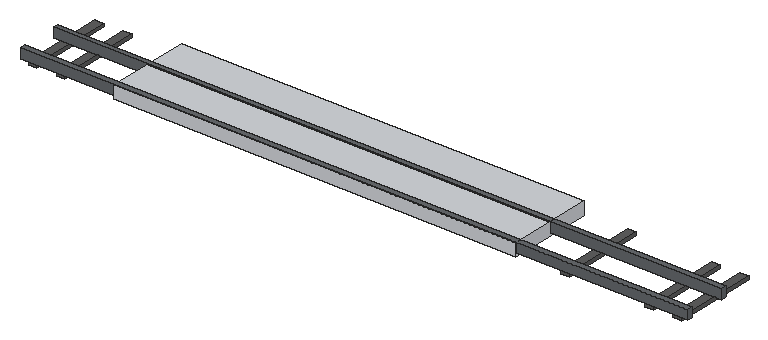
Revit family "1112-2, Solid", category Generic Models, host Face, Revit 2020
Family settings
  Host = Face
  Can host rebar = No
  Round Connector Dimension = Use Diameter
  Part Type = Normal
  Cut with Voids When Loaded = No
  Shared = No
  Room Calculation Point = No
Parameters
  min_value [instance] = 1' - 11 1/4"  # constant formula
  max_value [instance] = 11' - 11 1/4"  # constant formula
  actual_value [instance] = if(NET LENGTH < min_value, min_value, if(NET LENGTH > max_value, max_value, NET LENGTH))  # 7' - 11 1/4"
  SCRIM MATERIAL [instance] = SCRIM
  SCRIM [instance] = yes
  NET LENGTH [instance] = 7' - 11 1/4"
  Default Elevation = 4' - 0"
  BACKER MATERIAL [instance] = BLACK-BACKERS
  .. MEMBER WIDTH [instance] = 0' - 0 3/4"  # constant formula
  .. MEMBER MATERIAL [instance] = Solid Western Hemlock
  .. MEMBER LENGTH [instance] = actual_value  # 7' - 11 1/4"
  .. MEMBER DEPTH [instance] = 0' - 1 3/8"  # constant formula
  .. MEMBER COUNT [instance] = 2  # constant formula
  IMPORTANT NOTE!!!                                                                             *Backer layout is for visualization purposes only, final layout to be determined by 9Wood. [instance] = ""
Reference planes (in)
  plane 1 "Center (Front/Back)": y = 0
  plane 2: z = 1.82209
  plane 3 "Center (Left/Right)": x = 0
Forms (in)
  Extrusion 1, solid
    sketch origin (132, -33.80483, 0) x (1, 0, 0) y (0, 1, 0)
      loop
        line (-118.625, 33.80483) -> (-61.26146, 33.80483) -> (-61.26146, 45.86733) -> (-118.625, 45.86733) -> (-118.625, 33.80483)
    from 1.82209 to 0
Dimensions and locks (in)
  aligned and locked: Extrusion 1 to plane 2
  aligned and locked: plane 3 "Center (Left/Right)" to nested 1
Nested families (in)
  nested 1: "1100 SERIES CONFIG" at (0, 2, 0), .. MEMBER DEPTH <- ".. MEMBER DEPTH", .. MEMBER LENGTH <- ".. MEMBER LENGTH", .. MEMBER WIDTH <- ".. MEMBER WIDTH", .. MEMBER MATERIAL <- ".. MEMBER MATERIAL", BACKING M MATERIAL <- "BACKER MATERIAL", SCRIM  MATERIAL <- "SCRIM MATERIAL", .. MEMBER COUNT <- ".. MEMBER COUNT", SCRIM <- "SCRIM", type "1100 SERIES CONFIG"
    with X 7' - 8", SCRIM OVERHANG 2 0' - 0 3/32", SCRIM OVERHANG 0' - 0 7/8", SCRIM LENGTH 8' - 1", SCRIM  MATERIAL SCRIM, SCRIM yes, NOMINAL LENGTH 7, N 8, Inset 6' - 0 3/8", INSET 0' - 1", INDEX 0' - 5 5/8", HALF MEMBER WIDTH 0' - 0 3/8", HALF LENGTH 3' - 11 5/8", END BACKER yes, BACKING M WIDTH 0' - 1 1/4", BACKING M OC SPACING 1' - 0", BACKING M MATERIAL BLACK-BACKERS, BACKING M LENGTH 0' - 11 7/8", BACKING M DEPTH 0' - 0 1/2", BACKING M COUNT 8, 3/16" INSET 0' - 0 3/16", .. MEMBER WIDTH 0' - 0 3/4", .. MEMBER OC SPACING 0' - 6", .. MEMBER MATERIAL Solid Western Hemlock, .. MEMBER LENGTH 7' - 11 1/4", .. MEMBER DEPTH 0' - 1 3/8", .. MEMBER COUNT 2
Definition of nested family "1100 SERIES CONFIG"
  Parameters (values of type "1100 SERIES CONFIG")
    X [instance] = .. MEMBER LENGTH - 0' 3 1/4"  # 3' - 2"
    SCRIM OVERHANG 2 [instance] = 0' - 0 3/32"  # constant formula
    SCRIM OVERHANG [instance] = 0' - 0 7/8"  # constant formula
    SCRIM LENGTH [instance] = .. MEMBER LENGTH + (SCRIM OVERHANG * 2)  # 3' - 7"
    SCRIM  MATERIAL [instance] = none
    SCRIM [instance] = yes
    NOMINAL LENGTH [instance] = 7
    N [instance] = if((X - (rounddown(X / 1' 0") * 1' 0")) > 1' 0", rounddown(X / 1' 0") + 2, rounddown(X / 1' 0") + 1)  # 4
    Inset [instance] = 6' - 0 3/8"  # constant formula
    INSET [instance] = 0' - 1"  # constant formula
    INDEX [instance] = (.. MEMBER LENGTH - ((N - 1) * 1' 0")) / 2  # 0' - 2 5/8"
    HALF MEMBER WIDTH [instance] = .. MEMBER WIDTH / 2  # 0' - 0 5/16"
    HALF LENGTH [instance] = .. MEMBER LENGTH / 2  # 1' - 8 5/8"
    END BACKER [instance] = INDEX > 0' 3 5/8"  # no
    Default Elevation = 0' - 0"
    BACKING M WIDTH [instance] = 0' - 1 1/4"
    BACKING M SPACING = 3' - 3"
    BACKING M MATERIAL [instance] = none
    BACKING M LENGTH [instance] = 0' - 11 7/8"
    BACKING M DEPTH [instance] = 0' - 0 1/2"
    BACKING M COUNT [instance] = N  # 4
    BACKING M OC SPACING [instance] = 1' - 0"  # constant formula
    3/16" INSET [instance] = 0' - 0 3/16"  # constant formula
    .. MEMBER WIDTH [instance] = 0' - 0 5/8"
    .. MEMBER OC SPACING [instance] = 1' 0" / .. MEMBER COUNT  # 0' - 4"
    .. MEMBER MATERIAL [instance] = none
    .. MEMBER LENGTH [instance] = 3' - 5 1/4"
    .. MEMBER DEPTH [instance] = 0' - 1 3/8"
    .. MEMBER COUNT [instance] = 3
  Reference planes (in)
    plane 1 "Center (Front/Back)": y = -2
    plane 2: z = 0
    plane 3 "Center (Left/Right)": x = 0
    plane 4: x = 1
    plane 5: x = 2.625
    plane 6: x = 20.625
    plane 7: x = 41.25
    plane 8: x = 40.25
    plane 9: x = 14.625
    plane 10: y = -1.8125
    plane 11: y = -1.6875
    plane 12: y = 2.3125
    plane 13: x = 42.125
    plane 14: x = -0.875
    plane 15: z = 0.5
    plane 16: y = 10.0625
    plane 17: y = 10.15625
    plane 18: y = -2.09375
  Dimensions and locks (in)
    "INSET": plane 3 "Center (Left/Right)" to plane 4
    "INDEX": plane 3 "Center (Left/Right)" to plane 5
    "HALF LENGTH": plane 3 "Center (Left/Right)" to plane 6
    ".. MEMBER LENGTH": plane 3 "Center (Left/Right)" to plane 7
    "INSET": plane 8 to plane 7
    equal spacing: group 2, group 3, group 6, group 7  (x3)
    "3/16" INSET": plane 1 "Center (Front/Back)" to plane 10
    ".. MEMBER OC SPACING": plane 12 to plane 11
    "SCRIM OVERHANG": plane 14 to plane 3 "Center (Left/Right)"
    "SCRIM OVERHANG": plane 7 to plane 13
    equal spacing: group 5, group 4, group 1  (x2)
    equal spacing: group 1, group 4, group 5
    "HALF MEMBER WIDTH": plane 1 "Center (Front/Back)" to plane 11
    "BACKING M OC SPACING": plane 5 to plane 9
    "SCRIM OVERHANG 2": plane 17 to plane 16
    "SCRIM OVERHANG 2": plane 18 to plane 1 "Center (Front/Back)"
    aligned and locked: level to plane 2
    aligned and locked: plane 6 to nested 1
    aligned and locked: nested 2 to plane 4
    aligned and locked: plane 5 to nested 3
    aligned and locked: plane 1 "Center (Front/Back)" to nested 1
    aligned and locked: nested 2 to plane 10
    aligned and locked: nested 3 to plane 10
    aligned and locked: nested 5 to plane 10
    aligned and locked: nested 4 to plane 10
    aligned and locked: plane 12 to nested 6
    aligned and locked: nested 6 to plane 3 "Center (Left/Right)"
    aligned and locked: plane 9 to nested 5
    aligned and locked: plane 8 to nested 4
    aligned and locked: plane 15 to nested 2
    aligned and locked: nested 7 to plane 15
    aligned and locked: nested 6 to plane 15
  Nested families (in)
    nested 1: "INSTANCE - Parametric Cube" at (20.625, -1.6875, 1.875), Length <- ".. MEMBER WIDTH", Height <- ".. MEMBER DEPTH", Width <- ".. MEMBER LENGTH", Material <- ".. MEMBER MATERIAL", type "INSTANCE - Parametric Cube"
      with Width 3' - 5 1/4", Material none, Length 0' - 0 5/8", Height 0' - 1 3/8"
    nested 2: "2ND INSTANCE - Parametric Cube" at (1.625, 4.125, 0), Height <- "BACKING M DEPTH", Length <- "BACKING M LENGTH", Width <- "BACKING M WIDTH", Material <- "BACKING M MATERIAL", visible <- "END BACKER", type "2ND INSTANCE - Parametric Cube"
      with Width 0' - 1 1/4", Material none, Length 0' - 11 7/8", Height 0' - 0 1/2"
    nested 3: "2ND INSTANCE - Parametric Cube" at (2.625, 4.125, 0), Length <- "BACKING M LENGTH", Height <- "BACKING M DEPTH", Width <- "BACKING M WIDTH", Material <- "BACKING M MATERIAL", type "2ND INSTANCE - Parametric Cube"
      with Width 0' - 1 1/4", Material none, Length 0' - 11 7/8", Height 0' - 0 1/2"
    nested 4: "2ND INSTANCE - Parametric Cube" at (39.625, 4.125, 0), Width <- "BACKING M WIDTH", Length <- "BACKING M LENGTH", Height <- "BACKING M DEPTH", Material <- "BACKING M MATERIAL", visible <- "END BACKER", type "2ND INSTANCE - Parametric Cube"
      with Width 0' - 1 1/4", Material none, Length 0' - 11 7/8", Height 0' - 0 1/2"
    nested 5: "2ND INSTANCE - Parametric Cube" at (14.625, 4.125, 0), Length <- "BACKING M LENGTH", Height <- "BACKING M DEPTH", Width <- "BACKING M WIDTH", Material <- "BACKING M MATERIAL", type "2ND INSTANCE - Parametric Cube"
      with Width 0' - 1 1/4", Material none, Length 0' - 11 7/8", Height 0' - 0 1/2"
    nested 6: "INSTANCE - Parametric Cube" at (20.625, 2.3125, 1.875), Length <- ".. MEMBER WIDTH", Height <- ".. MEMBER DEPTH", Width <- ".. MEMBER LENGTH", Material <- ".. MEMBER MATERIAL", type "INSTANCE - Parametric Cube"
      with Width 3' - 5 1/4", Material none, Length 0' - 0 5/8", Height 0' - 1 3/8"
    nested 7: "INSTANCE - Parametric Cube" at (20.625, 6.3125, 1.875), Length <- ".. MEMBER WIDTH", Height <- ".. MEMBER DEPTH", Width <- ".. MEMBER LENGTH", Material <- ".. MEMBER MATERIAL", type "INSTANCE - Parametric Cube"
      with Width 3' - 5 1/4", Material none, Length 0' - 0 5/8", Height 0' - 1 3/8"
    nested 8: "2ND INSTANCE - Parametric Cube" at (26.625, 4.125, 0), Length <- "BACKING M LENGTH", Height <- "BACKING M DEPTH", Width <- "BACKING M WIDTH", Material <- "BACKING M MATERIAL", type "2ND INSTANCE - Parametric Cube"
      with Width 0' - 1 1/4", Material none, Length 0' - 11 7/8", Height 0' - 0 1/2"
    nested 9: "2ND INSTANCE - Parametric Cube" at (38.625, 4.125, 0), Length <- "BACKING M LENGTH", Height <- "BACKING M DEPTH", Width <- "BACKING M WIDTH", Material <- "BACKING M MATERIAL", type "2ND INSTANCE - Parametric Cube"
      with Width 0' - 1 1/4", Material none, Length 0' - 11 7/8", Height 0' - 0 1/2"
  Definition of nested family "INSTANCE - Parametric Cube"
    Parameters (values of type "INSTANCE - Parametric Cube")
      Width [instance] = 0' - 6"
      Material [instance] = none
      Length [instance] = 1' - 0"
      Height [instance] = 1' - 6"
      Default Elevation = 0' - 0"
    Reference planes (in)
      plane 1 "Center (Front/Back)": y = 0
      plane 2: z = 0
      plane 3 "Center (Left/Right)": x = 0
      plane 4: x = -3
      plane 5: x = 3
      plane 6: y = 6
      plane 7: y = -6
      plane 8: z = -18
    Forms (in)
      Extrusion 1, solid, material <- "Material"
        sketch origin (0, 0, 0) x (1, 0, 0) y (0, 1, 0)
          loop
            line (-3, 6) -> (-3, -6) -> (3, -6) -> (3, 6) -> (-3, 6)
        from -18 to 0
    Dimensions and locks (in)
      equal spacing: plane 4, plane 3 "Center (Left/Right)", plane 5
      equal spacing: plane 6, plane 1 "Center (Front/Back)", plane 7
      "Length": plane 6 to plane 7
      "Width": plane 4 to plane 5
      "Height": plane 8 to level
      aligned and locked: plane 2 to level
      aligned and locked: Extrusion 1 sketch curve to plane 6
      aligned and locked: plane 4 to Extrusion 1 sketch curve
      aligned and locked: plane 7 to Extrusion 1 sketch curve
      aligned and locked: Extrusion 1 sketch curve to plane 5
      aligned and locked: Extrusion 1 to plane 8
  Definition of nested family "2ND INSTANCE - Parametric Cube"
    Parameters (values of type "2ND INSTANCE - Parametric Cube")
      Width [instance] = 0' - 6"
      Material [instance] = none
      Length [instance] = 1' - 0"
      Height [instance] = 1' - 6"
      Default Elevation = 0' - 0"
    Reference planes (in)
      plane 1 "Center (Front/Back)": y = 0
      plane 2: z = 0
      plane 3 "Center (Left/Right)": x = 0
      plane 4: x = -3
      plane 5: x = 3
      plane 6: y = 6
      plane 7: y = -6
      plane 8: z = 18
    Forms (in)
      Extrusion 1, solid, material <- "Material"
        sketch origin (0, 0, 0) x (1, 0, 0) y (0, 1, 0)
          loop
            line (-3, 6) -> (-3, -6) -> (3, -6) -> (3, 6) -> (-3, 6)
        from 0 to 18
    Dimensions and locks (in)
      equal spacing: plane 4, plane 3 "Center (Left/Right)", plane 5
      equal spacing: plane 6, plane 1 "Center (Front/Back)", plane 7
      "Length": plane 6 to plane 7
      "Width": plane 4 to plane 5
      "Height": level to plane 8
      aligned and locked: plane 2 to level
      aligned and locked: Extrusion 1 sketch curve to plane 6
      aligned and locked: plane 4 to Extrusion 1 sketch curve
      aligned and locked: plane 7 to Extrusion 1 sketch curve
      aligned and locked: Extrusion 1 sketch curve to plane 5
      aligned and locked: plane 8 to Extrusion 1
      aligned and locked: Extrusion 1 to level
